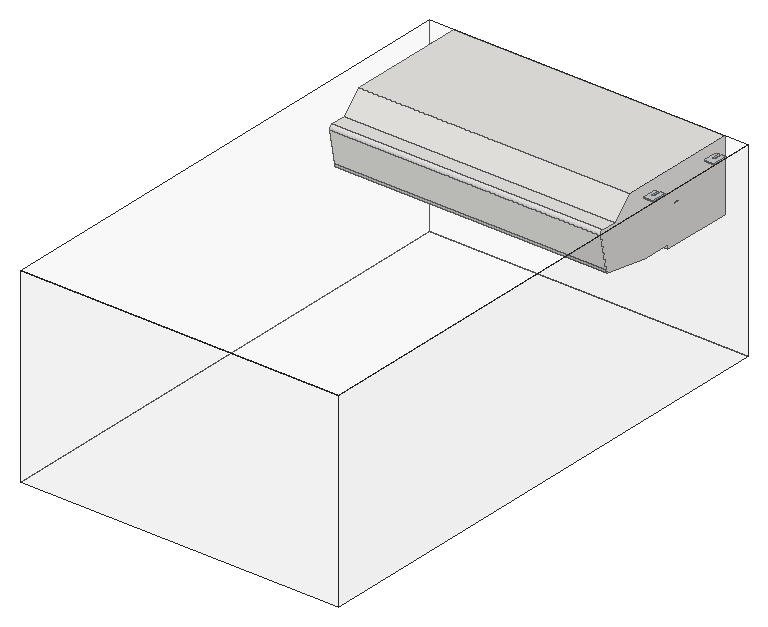
Revit family "pc-rp80_140ha22_60hz", category 機械設備, Revit 2023
Family settings
  丸型コネクタ寸法 = 直径を使用
  パーツ タイプ = 標準
  OmniClass 番号 = 23.75.10.24.21.27.27
  OmniClass タイトル = Split System Air Conditioning Units
  作業面ベース = いいえ
  常に垂直 = はい
  ロード時にボイドで切り取り = いいえ
  注釈の向きを維持 = いいえ
  共有 = いいえ
  部屋計算ポイント = はい
Parameters (values of type "PC-RP80HA22")
  風量_強 (m3/min) = 17
  風量_弱 (m3/min) = 15
  風量 = MAX風量  # 1020.0 m³/h
  音響パワーレベル_強 (dB) = 57
  音響パワーレベル_弱 (dB) = 55
  音響パワーレベル(dB) = [音響パワーレベル_強 (dB)]  # 57
  電源種別 = ""
  電源_H = 0 mm
  電圧 = 0 V
  電動機出力_送風機 = 0.04 kW
  運転質量 = 0.00 kg
  連動 = ""
  質量 = if(製品質量 > 運転質量, 製品質量, 運転質量) * 1.2  # 50.40 kg
  負荷分類 = 3_ファン類
  構成品番 = ""
  既定の高さ = 0 mm
  冷媒液管位置 = 180 mm
  冷媒ガス管位置 = 202 mm
  ドレン管径 (外径) = 32 mm
  【値が 0 の項目は組合せ形名にてご確認ください】 = ""
  MIN風量 = [風量_弱 (m3/min)] * 60.0 m³/h  # 900.0 m³/h
  MAX風量 = [風量_強 (m3/min)] * 60.0 m³/h  # 1020.0 m³/h
  サービススペース = yes
  Version = ""
  URL = "https://www.mitsubishielectric.co.jp/ldg/wink/qr/002/364753"
  Line = not(Width = 1136 mm)  # no
  説明 = "ビル用マルチ 天吊形室内機(厨房用)"
  設計暖房能力 = 0.00 kW
  設計冷房能力_顕熱 = 0 kW
  設計冷房能力 = 0 kW
  設置方法 = "天井吊（露出）形"
  記号 = ""
  製造元 = "三菱電機株式会社"
  製品質量 = 42.00 kg
  製品出荷対象 = "国内"
  製品リリース年月 = "2026/05/11"
  製品グループ = ""
  系統 = ""
  符号 = "ACP_CRK"
  積算_科目 = "1 空気調和設備"
  積算_拾い区分 [instance] = ""
  盤記号 = ""
  発停方法 = "別売リモコン"
  特殊仕様 = ""
  火災停止 = ""
  消費電力_暖房 = 0.14 kW
  消費電力_冷房 = 0.14 kW
  消費電力 = if(消費電力_冷房 > 消費電力_暖房, 消費電力_冷房, 消費電力_暖房)  # 0.14 kW
  法定耐用年数 = "6"
  極数 = 3
  材質 = ""
  本体マテリアル = none
  有効加湿量 = 0
  暖房能力 = 8.00 kW
  形式_加湿器 = ""
  形式 = "厨房用天井吊（露出）形"
  幹線記号 = ""
  始動方式 = "インバータ"
  呼称 = "マルチパッケージ形空気調和機_室内機"
  周波数 = 60 Hz
  吊り位置Y = 320 mm
  吊り位置X = 1180 mm
  吊りボルト_H = 43 mm
  台数_手元リモコン = ""
  台数_冷媒分岐ユニット = ""
  参照している仕様書等のバージョン = "公共建築工事標準仕様書（機械設備工事編）平成31年度版"
  加湿給水管径 = 0 mm
  分類コード = "50053003123090"
  分類グループ = "設備"
  冷房能力 = 7.1 kW
  冷媒高低圧ガス管径 = 0 mm
  冷媒管径符号 = "Bd"
  冷媒管径 = 100 mm
  冷媒液管高さ = 165 mm
  冷媒液管径 = 9.52 mm
  冷媒ガス管高さ = 165 mm
  冷媒ガス管径 = 15.88 mm
  企業コード = "108420"
  付属品_フィルター = ""
  付属品 = ""
  モデル = "PC-RP80HA22"
  パネルマテリアル = none
  ドレン管高さ = 254 mm
  ドレン管径 = 25 mm
  コメント [instance] = ""
  Width = 1136 mm
  Uniclass2015Version = "Systems v1.9"
  Uniclass2015Title = "Split coil remote air cooled condensing units"
  Uniclass2015Code = "Pr_70_65_03_84"
  SpecificationReference = ""
  SpecificationDescription = ""
  S_H = 296 mm
  Revision = ""
  ProductInformation = ""
  OmniClassCode = "23-33 17 13 11"
  IfcTypeProduct = ""
  IfcProduct = ""
  IfcExportType = "AIRCONDITIONINGUNIT"
  IfcExportAs = "IfcUnitaryEquipmentType"
  Height = 312 mm
  Depth = 650 mm
  価格 = 0
  Clearance Top = 2 mm
  Clearance Right = 100 mm
  Clearance Left = 100 mm
  Clearance Front = 1500 mm
  Clearance Bottom = 500 mm
  Clearance Back = 0 mm
  BLCJ仕様バージョン = "2.0"
  Author = "三菱電機株式会社"
Types (2, lengths in mm): name | 風量_強 (m3/min) | 風量_弱 (m3/min) | 風量 | 音響パワーレベル_強 (dB) | 音響パワーレベル_弱 (dB) | 音響パワーレベル(dB) | 電動機出力_送風機 | 質量 | MIN風量 | MAX風量 | URL | Line | 製品質量 | 消費電力_暖房 | 消費電力_冷房 | 消費電力 | 暖房能力 | 吊り位置X | 冷房能力 | モデル | Width
  PC-RP80HA22 | 17 | 15 | 1020.0 m³/h | 57 | 55 | 57 | 0.04 kW | 50.40 kg | 900.0 m³/h | 1020.0 m³/h | "https://www.mitsubishielectric.co.jp/ldg/wink/qr/002/364753" | no | 42.00 kg | 0.14 kW | 0.14 kW | 0.14 kW | 8.00 kW | 1180 | 7.1 kW | "PC-RP80HA22" | 1136
  PC-RP140HA22 | 38 | 28 | 2280.0 m³/h | 68 | 61 | 68 | 0.16 kW | 67.20 kg | 1680.0 m³/h | 2280.0 m³/h | "https://www.mitsubishielectric.co.jp/ldg/wink/qr/002/364754" | yes | 56.00 kg | 0.34 kW | 0.34 kW | 0.34 kW | 14.00 kW | 1564 | 12.5 kW | "PC-RP140HA22" | 1520
Reference planes
  plane 1 "中心(正面/背面)": y = 0
  plane 2: z = 0
  plane 3 "中心(左/右)": x = 0
  plane 4: x = 523
  plane 5: z = 3835
  plane 6: x = 438
  plane 7: z = 3835
  plane 8: x = 668
  plane 9: x = 568
  plane 10: x = -668
  plane 11: x = -568
  plane 12: y = -650
  plane 13: z = -280
  plane 14: y = -2150
  plane 15: x = -590
  plane 16: x = 590
  plane 17: z = -796
  plane 18 "下面": z = -296
  plane 19: x = 558.3
  plane 20: y = -80
  plane 21: y = -400
  plane 22: y = -330
  plane 23: y = -202
  plane 24: y = -180
  plane 25: y = -70
  plane 26: z = -43
  plane 27: z = -165
  plane 28: z = -254
  plane 29: x = 523
  plane 30: x = 438
  plane 31: x = 463
  plane 32: x = 463
  plane 33: z = 3746
  plane 34: z = 2
  plane 35: z = -95
  plane 36: z = -165
  plane 37: z = -312
Forms (mm)
  Extrusion 1, solid, material "Paint(Ivory)", detail levels fine
    sketch origin (0, -325, -4000) x (0, 1, 0) y (0, 0, 1)
      loop
        line (325, 4000) -> (-171.734, 4000) -> (-246.938, 3924.796) -> (-313.202, 3924.796)
        arc (-313.202, 3924.796) -> (-322.395, 3920.509) -> (-325.02, 3910.712) r 12
        line (-325.02, 3910.712) -> (-299.97, 3768.648)
        arc (-299.97, 3768.648) -> (-294.972, 3759.046) -> (-285.369, 3754.047) r 18
        line (-285.369, 3754.047) -> (-92.277, 3720) -> (30.069, 3720) -> (30.069, 3704) -> (325, 3704) -> (325, 4000)
    from -568 to 568
  Extrusion 2, solid, detail levels fine
    sketch origin (0, 0, 0) x (0, 0, -1) y (-1, 0, 0)
      loop
        circle (166.005, -523) r 7.94
    from -325 to -197
  Extrusion 3, solid, detail levels fine
    sketch origin (0, 0, 0) x (0, 0, -1) y (-1, 0, 0)
      loop
        circle (166.005, -438) r 4.76
    from -180 to -325
  Extrusion 4, solid, material "Galvanized steel plate", detail levels fine
    sketch origin (0, 0, -4000) x (1, 0, 0) y (0, 1, 0)
      loop
        line (568, -370) -> (568, -430) -> (612, -430) -> (612, -370) -> (595, -370) -> (595, -400)
        arc (595, -400) -> (590, -405) -> (585, -400) r 5
        line (585, -400) -> (585, -370) -> (568, -370)
    from 3954.5 to 3959.5
  Extrusion 5, solid, material "Galvanized steel plate", detail levels fine
    sketch origin (0, 320, -4000) x (1, 0, 0) y (0, 1, 0)
      loop
        line (568, -370) -> (568, -430) -> (612, -430) -> (612, -370) -> (595, -370) -> (595, -400)
        arc (595, -400) -> (590, -405) -> (585, -400) r 5
        line (585, -400) -> (585, -370) -> (568, -370)
    from 3954.5 to 3959.5
  Extrusion 6, solid, material "Galvanized steel plate", detail levels fine
    sketch origin (-1180, 0, -4000) x (1, 0, 0) y (0, 1, 0)
      loop
        line (568, -370) -> (568, -430) -> (612, -430) -> (612, -370) -> (595, -370) -> (595, -400)
        arc (595, -400) -> (590, -405) -> (585, -400) r 5
        line (585, -400) -> (585, -370) -> (568, -370)
    from 3954.5 to 3959.5
  Extrusion 7, solid, material "Galvanized steel plate", detail levels fine
    sketch origin (-1180, 320, -4000) x (1, 0, 0) y (0, 1, 0)
      loop
        line (568, -370) -> (568, -430) -> (612, -430) -> (612, -370) -> (595, -370) -> (595, -400)
        arc (595, -400) -> (590, -405) -> (585, -400) r 5
        line (585, -400) -> (585, -370) -> (568, -370)
    from 3954.5 to 3959.5
  Extrusion 8, solid, detail levels fine
    sketch origin (-3.482, 0, 0) x (1, 0, 0) y (0, 0, 1)
      loop
        circle (483.982, -165) r 50
    from 0 to 5
  Extrusion 9, solid, detail levels fine
    sketch origin (0, 160, 0) x (0, 0, -1) y (-1, 0, 0)
      loop
        circle (254.005, -463) r 16
    from -230 to -485
  Extrusion 10, solid
    sketch origin (0, 0, -296) x (-1, 0, 0) y (0, -1, 0)
      loop
        circle (-192, 243) r 12.5
    from 0 to -16
  Extrusion 11, solid
    sketch origin (-384, 0, -296) x (-1, 0, 0) y (0, -1, 0)
      loop
        circle (-192, 243) r 12.5
    from 0 to -16
Lines and regions (mm)
  model lines, detail levels fine
    curve 1: line (-493, -647.647, -102.744) -> (-493, -628.546, -211.073)
    curve 2: line (493, -647.647, -102.744) -> (493, -628.546, -211.073)
    curve 3: line (-493, -647.647, -102.744) -> (493, -647.647, -102.744)
    curve 4: line (493, -628.546, -211.073) -> (-493, -628.546, -211.073)
Dimensions and locks
  equal spacing: plane 11, plane 3 "中心(左/右)", plane 9
  "Width": plane 11 to plane 9
  "Clearance Right": plane 9 to plane 8
  "Clearance Left": plane 10 to plane 11
  "Depth": plane 12 to plane 1 "中心(正面/背面)"
  "Clearance Front": plane 14 to plane 12
  equal spacing: plane 15, plane 3 "中心(左/右)", plane 16
  "吊り位置X": plane 15 to plane 16
  "S_H": level to plane 18 "下面"
  locked: plane 19 to plane 9 at 9.7
  locked: plane 20 to plane 1 "中心(正面/背面)" at 80
  "吊り位置Y": plane 20 to plane 21
  "冷媒液管位置": plane 24 to plane 1 "中心(正面/背面)"  (x2)
  "冷媒ガス管位置": plane 23 to plane 1 "中心(正面/背面)"  (x2)
  plane 22 to plane 23 = 128 mm
  plane 22 to plane 24 = 150 mm
  "Clearance Bottom": plane 18 "下面" to plane 17
  "吊りボルト_H": level to plane 26
  level to plane 27 = 165 mm
  level to plane 28 = 254 mm
  plane 29 to plane 9 = 45 mm
  plane 30 to plane 29 = 85 mm
  plane 31 to plane 9 = 105 mm
  "Clearance Back": plane 1 "中心(正面/背面)" to nested 1
  equal spacing: plane 30, Extrusion 8 sketch curve, plane 29
  "Clearance Top": plane 34 to plane 2
  "冷媒ガス管高さ": plane 2 to plane 27
  "冷媒液管高さ": Extrusion 1 to plane 36
  "Height": plane 2 to plane 37
  "冷媒液管径": diameter of Extrusion 3 sketch curve
  "冷媒ガス管径": diameter of Extrusion 2 sketch curve
  "ドレン管径 (外径)": diameter of Extrusion 9 sketch curve
  aligned and locked: level to plane 2
  aligned and locked: plane 9 to Extrusion 1
  aligned and locked: plane 11 to Extrusion 1
  aligned and locked: plane 10 to nested 1
  aligned and locked: nested 1 to plane 8
  aligned and locked: plane 15 to nested 2
  aligned and locked: nested 2 to plane 16
  aligned and locked: plane 18 "下面" to Extrusion 1
  aligned and locked: plane 19 to nested 3
  aligned and locked: nested 1 to plane 14
  aligned and locked: plane 20 to nested 2
  aligned and locked: plane 21 to nested 2
  aligned and locked: plane 1 "中心(正面/背面)" to nested 1
  aligned and locked: plane 34 to nested 1
  aligned and locked: plane 24 to Extrusion 3
  aligned and locked: plane 17 to nested 1
  aligned and locked: Extrusion 1 to nested 3
Automatic sketch dimensions
  Extrusion 1 sketch curve to level = 0 mm
  Extrusion 1 sketch curve to plane 13 = 0 mm
  Extrusion 1 sketch curve to plane 18 "下面" = 0 mm
  Extrusion 1 sketch curve to plane 1 "中心(正面/背面)" = 0 mm
  plane 22 to Extrusion 1 sketch curve = 35.069 mm
  Extrusion 1 sketch curve to plane 21 = 17.277 mm
  Extrusion 1 sketch curve to plane 21 = 96.734 mm
  plane 35 to Extrusion 1 sketch curve = 19.796 mm
  plane 12 to Extrusion 1 sketch curve = 78.062 mm
  plane 12 to Extrusion 1 sketch curve = 42.756 mm
  plane 28 to Extrusion 1 sketch curve = 8.047 mm
  Extrusion 1 sketch curve to Extrusion 1 sketch curve = 3.126 mm
  Extrusion 1 sketch curve to Extrusion 1 sketch curve = 17.727 mm
  plane 12 to Extrusion 1 sketch curve = 11.798 mm
  Extrusion 1 sketch curve to plane 12 = 0.02 mm
  Extrusion 1 sketch curve to Extrusion 1 sketch curve = 14.601 mm
  plane 35 to Extrusion 1 sketch curve = 5.712 mm
  Extrusion 1 to curve 3 = 13.664 mm
  curve 2 to Extrusion 1 = 20.591 mm
  Extrusion 1 to curve 1 = 75 mm
  Extrusion 1 to curve 3 = 75 mm
  Extrusion 4 sketch curve to plane 9 = 0 mm
  Extrusion 4 sketch curve to plane 21 = 0 mm
  Extrusion 4 sketch curve to plane 16 = 0 mm
  plane 16 to Extrusion 4 sketch curve = 5 mm
  Extrusion 4 sketch curve to plane 16 = 22 mm
  Extrusion 4 sketch curve to plane 21 = 30 mm
  plane 21 to Extrusion 4 sketch curve = 30 mm
  Extrusion 4 sketch curve to Extrusion 4 sketch curve = 0 mm
  Extrusion 5 sketch curve to plane 9 = 0 mm
  Extrusion 5 sketch curve to plane 20 = 0 mm
  Extrusion 5 sketch curve to plane 16 = 0 mm
  plane 16 to Extrusion 5 sketch curve = 5 mm
  Extrusion 5 sketch curve to plane 16 = 22 mm
  Extrusion 5 sketch curve to plane 20 = 30 mm
  plane 25 to Extrusion 5 sketch curve = 20 mm
  Extrusion 5 sketch curve to Extrusion 5 sketch curve = 0 mm
  Extrusion 6 sketch curve to plane 21 = 0 mm
  Extrusion 6 sketch curve to plane 15 = 0 mm
  Extrusion 6 sketch curve to plane 11 = 0 mm
  Extrusion 6 sketch curve to plane 15 = 5 mm
  Extrusion 6 sketch curve to plane 15 = 22 mm
  Extrusion 6 sketch curve to plane 21 = 30 mm
  plane 21 to Extrusion 6 sketch curve = 30 mm
  Extrusion 6 sketch curve to Extrusion 6 sketch curve = 0 mm
  Extrusion 7 sketch curve to plane 20 = 0 mm
  Extrusion 7 sketch curve to plane 15 = 0 mm
  Extrusion 7 sketch curve to plane 11 = 0 mm
  Extrusion 7 sketch curve to plane 15 = 5 mm
  Extrusion 7 sketch curve to plane 15 = 22 mm
  Extrusion 7 sketch curve to plane 20 = 30 mm
  plane 25 to Extrusion 7 sketch curve = 20 mm
  Extrusion 7 sketch curve to Extrusion 7 sketch curve = 0 mm
  Extrusion 8 sketch curve to plane 27 = 0 mm
  Extrusion 11 sketch curve to plane 3 "中心(左/右)" = 192 mm
  plane 3 "中心(左/右)" to Extrusion 10 sketch curve = 192 mm
  Extrusion 10 sketch curve to plane 23 = 41 mm
  Extrusion 11 sketch curve to plane 23 = 41 mm
  Extrusion 1 to Extrusion 2 sketch curve = 45 mm
  Extrusion 2 sketch curve to Extrusion 1 = 129.995 mm
  Extrusion 3 sketch curve to Extrusion 1 = 129.995 mm
  Extrusion 1 to Extrusion 3 sketch curve = 130 mm
  plane 31 to Extrusion 9 sketch curve = 0 mm
  Extrusion 9 sketch curve to plane 28 = 0.005 mm
  radius of Extrusion 8 sketch curve = 50 mm
  radius of Extrusion 10 sketch curve = 12.5 mm
  radius of Extrusion 11 sketch curve = 12.5 mm
Nested families
  nested 1: "サービススペース" at (0, -1075, -397), visible <- "サービススペース", type "サービススペース"
    with Width 1336 mm, Height 798 mm, Depth 2150 mm
  nested 2: "固定点" at (-590, -400, 0), type "固定点"
    with W 1180 mm, D 320 mm
  nested 3: "吸込口" at (-192, 0, -4000), Width <- "Width", type "吸込口"
    with Width 1136 mm, Line no
Connectors
  piping at (480.5, 0, -165), diameter 100, driven by "冷媒管径", driven by "冷媒管径符号"
    settings: on Extrusion 8, index 1, connector inside diameter 609.6 mm, connector length 0 mm, flow factor 0, pipe flow 0.0 L/s, pressure drop 0.0 Pa, fitting loss kfactor 0, connector angle 0.00°, fixture units 0, engagement length 0 mm, angle of deflection 0.00°, flow configuration 1, flow direction 1, fitting loss method 4, system type 7, joint type 0, gender type 0, connector reference index -1, connector utility 0, adjustable connector no, is connector primary yes, connector description "Bd"
  piping at (463, -70, -254.005), diameter 32, driven by "ドレン管径 (外径)"
    settings: on Extrusion 9, index 2, connector inside diameter 609.6 mm, connector length 0 mm, flow factor 0, pipe flow 0.0 L/s, pressure drop 0.0 Pa, fitting loss kfactor 0, connector angle 0.00°, fixture units 0, engagement length 0 mm, angle of deflection 0.00°, flow configuration 1, flow direction 2, fitting loss method 4, system type 16, joint type 0, gender type 0, connector reference index -1, connector utility 0, adjustable connector no, is connector primary no, connector description ""
  electrical at (0, 0, -148), driven by "極数", driven by "負荷分類", driven by "電圧", driven by "消費電力"
    settings: on Extrusion 1, index 3, voltage 0 V, apparent load 140 VA, apparent load phase1 0 VA, apparent load phase2 0 VA, apparent load phase3 0 VA, power factor 1, load classification "3_ファン類", number of poles 3, system type 30, power factor state 1, is connector primary yes, connector utility no, sub classification motor no, connector description ""
Definition of nested family "サービススペース"
  Parameters (values of type "サービススペース")
    Default Elevation = 0 mm
    Width [instance] = 500 mm
    Height [instance] = 500 mm
    Depth [instance] = 500 mm
  Reference planes
    plane 1 "中心(正面/背面)": y = 0
    plane 2: z = 0
    plane 3 "中心(左/右)": x = 0
    plane 4: y = -250
    plane 5: x = 250
    plane 6: y = 250
    plane 7: x = -250
    plane 8: z = 250
    plane 9: z = -250
  Forms (mm)
    Extrusion 1, solid
      sketch origin (-638.939, 0, 72.39) x (1, 0, 0) y (0, 1, 0)
        loop
          line (388.939, 250) -> (388.939, -250) -> (888.939, -250) -> (888.939, 250) -> (388.939, 250)
      from -322.39 to 177.61
  Lines and regions (mm)
    symbolic lines
      curve 1: line (-250, 0, 250) -> (250, 0, 250)
      curve 2: line (-250, 0, -250) -> (-250, 0, 250)
      curve 3: line (250, 0, -250) -> (-250, 0, -250)
      curve 4: line (250, 0, 250) -> (250, 0, -250)
      curve 5: line (0, -250, 250) -> (0, 250, 250)
      curve 6: line (0, -250, -250) -> (0, -250, 250)
      curve 7: line (0, 250, -250) -> (0, -250, -250)
      curve 8: line (0, 250, 250) -> (0, 250, -250)
      curve 9: line (-250, 250, 0) -> (250, 250, 0)
      curve 10: line (-250, -250, 0) -> (-250, 250, 0)
      curve 11: line (250, -250, 0) -> (-250, -250, 0)
      curve 12: line (250, 250, 0) -> (250, -250, 0)
  Dimensions and locks
    equal spacing: plane 7, plane 3 "中心(左/右)", plane 5
    equal spacing: plane 4, plane 1 "中心(正面/背面)", plane 6
    "Depth": plane 4 to plane 6
    "Width": plane 7 to plane 5
    equal spacing: plane 8, plane 2, plane 9
    "Height": plane 8 to plane 9
    aligned and locked: plane 9 to curve 3
    aligned and locked: plane 7 to curve 2
    aligned and locked: curve 4 to plane 5
    aligned and locked: plane 5 to Extrusion 1
    aligned and locked: Extrusion 1 to plane 7
    aligned and locked: Extrusion 1 to plane 9
    aligned and locked: plane 8 to Extrusion 1
    aligned and locked: plane 9 to curve 7
  Automatic sketch dimensions
    plane 4 to Extrusion 1 sketch curve = 0 mm
    Extrusion 1 sketch curve to plane 7 = 0 mm
    Extrusion 1 sketch curve to plane 5 = 0 mm
    plane 6 to Extrusion 1 sketch curve = 0 mm
    curve 2 to plane 8 = 0 mm
    plane 4 to curve 11 = 0 mm
    curve 11 to plane 7 = 0 mm
    curve 11 to plane 5 = 0 mm
    plane 6 to curve 10 = 0 mm
    curve 7 to plane 4 = 0 mm
    curve 7 to plane 6 = 0 mm
    curve 6 to plane 8 = 0 mm
Definition of nested family "固定点"
  Parameters (values of type "固定点")
    Default Elevation = 0 mm
    中心円 = 20 mm
    W [instance] = 1000 mm
    D [instance] = 1000 mm
  Reference planes
    plane 1 "中心(正面/背面)": y = 0
    plane 2: z = 0
    plane 3 "中心(左/右)": x = 0
    plane 4: x = 1000
    plane 5: y = 1000
  Lines and regions (mm)
    symbolic lines, detail levels fine
      curve 1: circle (0, 1000, 0) r 10 normal (0, 0, 1)
      curve 2: circle (0, 0, 0) r 10 normal (0, 0, 1)
      curve 3: circle (1000, 1000, 0) r 10 normal (0, 0, 1)
      curve 4: circle (1000, 0, 0) r 10 normal (0, 0, 1)
      curve 5: line (-200, 1000, 0) -> (1200, 1000, 0)
      curve 6: line (-200, 0, 0) -> (1200, 0, 0)
      curve 7: line (0, 1200, 0) -> (0, -200, 0)
      curve 8: line (1000, 1200, 0) -> (1000, -200, 0)
  Dimensions and locks
    "W": plane 3 "中心(左/右)" to plane 4
    "D": plane 1 "中心(正面/背面)" to plane 5
    "中心円": diameter of curve 1
    "中心円": diameter of curve 2
    "中心円": diameter of curve 3
    "中心円": diameter of curve 4
    aligned and locked: level to plane 2
    aligned and locked: plane 5 to curve 1
    aligned and locked: plane 3 "中心(左/右)" to curve 1
    aligned and locked: plane 3 "中心(左/右)" to curve 2
    aligned and locked: plane 1 "中心(正面/背面)" to curve 2
    aligned and locked: plane 4 to curve 3
    aligned and locked: plane 5 to curve 3
    aligned and locked: plane 1 "中心(正面/背面)" to curve 4
    aligned and locked: plane 4 to curve 4
    aligned and locked: plane 1 "中心(正面/背面)" to curve 6
    aligned and locked: curve 7 to plane 3 "中心(左/右)"
    aligned and locked: curve 8 to plane 4
  Automatic sketch dimensions
    curve 5 to plane 5 = 0 mm
    curve 6 to plane 3 "中心(左/右)" = 200 mm
    curve 5 to plane 3 "中心(左/右)" = 200 mm
    curve 4 to curve 6 = 200 mm
    curve 3 to curve 5 = 200 mm
    plane 1 "中心(正面/背面)" to curve 8 = 200 mm
    plane 1 "中心(正面/背面)" to curve 7 = 200 mm
    curve 3 to curve 8 = 200 mm
    curve 1 to curve 7 = 200 mm
Definition of nested family "吸込口"
  Parameters (values of type "吸込口")
    Default Elevation = 0 mm
    Width [instance] = 1136 mm
    Line [instance] = not(Width = 1136 mm)  # no
  Reference planes
    plane 1 "Center (Front/Back)": y = 0
    plane 2: z = 0
    plane 3 "Center (Left/Right)": x = 0
  Lines and regions (mm)
    model lines, visible <- "Line", detail levels fine
      curve 1: line (-376.3, -289.931, 3705) -> (-376.3, 0, 3705)
      curve 12: line (-391.3, 0, 3705) -> (-391.3, -289.931, 3705)
      curve 13: line (-750.3, -274.931, 3705) -> (-750.3, -15, 3705)
      curve 14: line (-401.3, -15, 3705) -> (-401.3, -274.931, 3705)
      curve 15: line (-750.3, -15, 3705) -> (-401.3, -15, 3705)
      curve 16: line (-401.3, -274.931, 3705) -> (-750.3, -274.931, 3705)
      curve 17: line (-750.3, -54.429, 3705) -> (-595.903, -274.931, 3705)
      curve 18: line (-401.3, -55, 3705) -> (-555.297, -274.931, 3705)
      curve 19: line (-750.3, -235.571, 3705) -> (-595.854, -15, 3705)
      curve 20: line (-401.3, -235, 3705) -> (-555.346, -15, 3705)
      curve 21: line (-750.3, -274.931, 3705) -> (-750.3, -15, 3705)
      curve 40: line (750.3, -274.931, 3705) -> (750.3, -15, 3705)
    model lines, detail levels fine
      curve 2: line (-7.7, 0, 3705) -> (-7.7, -289.931, 3705)
      curve 3: line (-366.3, -274.931, 3705) -> (-366.3, -15, 3705)
      curve 4: line (-17.7, -15, 3705) -> (-17.7, -274.931, 3705)
      curve 5: line (-366.3, -15, 3705) -> (-17.7, -15, 3705)
      curve 6: line (-17.7, -274.931, 3705) -> (-366.3, -274.931, 3705)
      curve 7: line (-366.3, -55, 3705) -> (-212.303, -274.931, 3705)
      curve 8: line (-17.7, -55, 3705) -> (-171.697, -274.931, 3705)
      curve 9: line (-366.3, -235, 3705) -> (-212.254, -15, 3705)
      curve 10: line (-17.7, -235, 3705) -> (-171.746, -15, 3705)
      curve 11: line (7.3, -289.931, 3705) -> (7.3, 0, 3705)
      curve 22: line (376.3, -289.931, 3705) -> (376.3, 0, 3705)
      curve 23: line (366.3, -274.931, 3705) -> (366.3, -15, 3705)
      curve 24: line (17.7, -15, 3705) -> (17.7, -274.931, 3705)
      curve 25: line (366.3, -15, 3705) -> (17.7, -15, 3705)
      curve 26: line (17.7, -274.931, 3705) -> (366.3, -274.931, 3705)
      curve 27: line (366.3, -55, 3705) -> (212.303, -274.931, 3705)
      curve 28: line (17.7, -55, 3705) -> (171.697, -274.931, 3705)
      curve 29: line (366.3, -235, 3705) -> (212.254, -15, 3705)
      curve 30: line (17.7, -235, 3705) -> (171.746, -15, 3705)
      curve 31: line (391.3, 0, 3705) -> (391.3, -289.931, 3705)
      curve 32: line (750.3, -274.931, 3705) -> (750.3, -15, 3705)
      curve 33: line (401.3, -15, 3705) -> (401.3, -274.931, 3705)
      curve 34: line (750.3, -15, 3705) -> (401.3, -15, 3705)
      curve 35: line (401.3, -274.931, 3705) -> (750.3, -274.931, 3705)
      curve 36: line (750.3, -54.429, 3705) -> (595.903, -274.931, 3705)
      curve 37: line (401.3, -55, 3705) -> (555.297, -274.931, 3705)
      curve 38: line (750.3, -235.571, 3705) -> (595.854, -15, 3705)
      curve 39: line (401.3, -235, 3705) -> (555.346, -15, 3705)
  Dimensions and locks
    aligned and locked: level to plane 2
